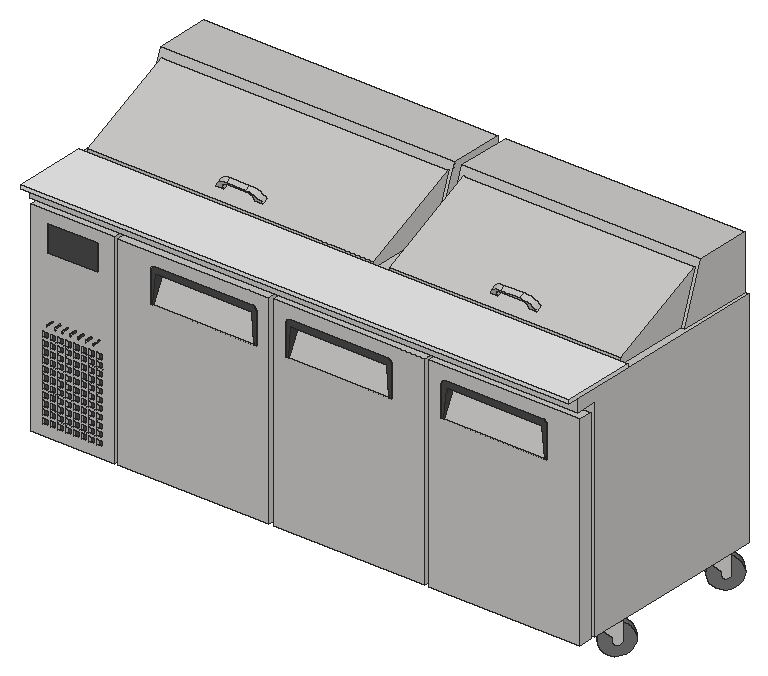
Revit family "QF_Turbo Air_JST-72", category Specialty Equipment, Revit 2012 (continued)
Automatic sketch dimensions
  Extrusion 15 sketch curve to Extrusion 15 sketch curve = 0' - 0 1/4"
  Extrusion 15 sketch curve to Extrusion 15 sketch curve = 0' - 0"
  Extrusion 15 sketch curve to Extrusion 15 sketch curve = 0' - 0.6"
  Extrusion 16 sketch curve to plane 3 "LEFT" = 0' - 0"
  Extrusion 16 sketch curve to plane 14 "Top of Door" = 0' - 0"
  Extrusion 16 sketch curve to plane 25 "Right of Grill" = 0' - 0"
  Extrusion 16 sketch curve to plane 4 "Bottom" = 0' - 0"
  plane 20 "Left of Left Lid" to Extrusion 16 sketch curve = 0' - 0 1/2"  (x6)
  Extrusion 16 sketch curve to Extrusion 16 sketch curve = 0' - 0"  (x159)
  Extrusion 16 sketch curve to Extrusion 16 sketch curve = 0' - 0.53661"
  Extrusion 16 sketch curve to Extrusion 16 sketch curve = 0' - 0.08839"  (x42)
  plane 20 "Left of Left Lid" to Extrusion 16 sketch curve = 0' - 1 3/16"
  Extrusion 16 sketch curve to Extrusion 16 sketch curve = 0' - 0 3/4"  (x52)
  Extrusion 16 sketch curve to Extrusion 16 sketch curve = 0' - 0.03661"  (x7)
  Extrusion 16 sketch curve to Extrusion 16 sketch curve = 0' - 0 1/4"  (x126)
  Extrusion 16 sketch curve to Extrusion 16 sketch curve = 0' - 0.70711"  (x2)
  Extrusion 16 sketch curve to Extrusion 16 sketch curve = 0' - 0.11612"  (x6)
  Extrusion 16 sketch curve to Extrusion 16 sketch curve = 0' - 0.82322"  (x6)
  Extrusion 16 sketch curve to plane 25 "Right of Grill" = 0' - 2 3/16"
  plane 4 "Bottom" to Extrusion 16 sketch curve = 0' - 1 3/8"  (x2)
  Extrusion 16 sketch curve to Extrusion 16 sketch curve = 0' - 0.66161"  (x7)
  Extrusion 16 sketch curve to Extrusion 16 sketch curve = 0' - 0.53033"  (x6)
  Extrusion 16 sketch curve to plane 14 "Top of Door" = 0' - 4 7/8"
  Extrusion 16 sketch curve to plane 14 "Top of Door" = 0' - 1 1/2"
  curve 29 to plane 6 "RIGHT" = 0' - 0"
  plane 9 "Door Clearance" to curve 29 = 0' - 0"
  plane 9 "Door Clearance" to curve 34 = 0' - 0"
  plane 9 "Door Clearance" to curve 79 = 0' - 0"
  curve 80 to plane 29 = 0' - 0"
  curve 34 to plane 27 "Left of Left Door" = 0' - 0"
  plane 7 "Front of Lid" to curve 27 = 0' - 0"
  curve 193 to plane 33 "Right of Left Lid" = 0' - 0"
  curve 198 to plane 21 "Right of Right Lid" = 0' - 0"
  curve 196 to plane 30 "Left of Right Lid Cover" = 0' - 0"
  curve 195 to plane 31 "Left of Right Lid" = 0' - 0"
  curve 31 to plane 20 "Left of Left Lid" = 0' - 0"
  curve 30 to plane 19 "Right of Right Lid Cover" = 0' - 0"
  plane 10 "Back of Door" to curve 32 = 0' - 0 1/4"
  plane 10 "Back of Door" to curve 80 = 0' - 0 1/4"
  plane 10 "Back of Door" to curve 34 = 0' - 0 1/4"
  curve 23 to curve 125 = 0' - 0.07915"
  curve 61 to plane 7 "Front of Lid" = 0' - 0 31/32"
  curve 75 to curve 48 = 0' - 0.07915"
  curve 78 to curve 94 = 0' - 0.07915"
  curve 139 to plane 7 "Front of Lid" = 0' - 0 31/32"
  curve 189 to plane 7 "Front of Lid" = 0' - 0 31/32"
  curve 110 to plane 7 "Front of Lid" = 0' - 0 31/32"
  curve 171 to plane 7 "Front of Lid" = 0' - 0 31/32"
  curve 158 to plane 7 "Front of Lid" = 0' - 0 31/32"
  curve 78 to curve 67 = 0' - 0.69515"
  curve 13 to curve 12 = 0' - 0.69515"
  curve 19 to curve 18 = 0' - 0.69515"
  curve 74 to curve 73 = 0' - 0.69515"
  curve 20 to curve 16 = 0' - 0.0945"
  curve 23 to curve 20 = 0' - 0"
  curve 75 to curve 71 = 0' - 0.0945"
  curve 78 to curve 71 = 0' - 0.0945"
  curve 21 to curve 12 = 0' - 0.21651"
  curve 69 to curve 67 = 0' - 0.21651"
  curve 77 to curve 77 = 0' - 0.21651"
  curve 17 to curve 17 = 0' - 0.1877"
  curve 17 to curve 126 = 0' - 0.07101"
  curve 76 to curve 94 = 0' - 0.09982"
  curve 77 to curve 48 = 0' - 0.07101"
  curve 139 to curve 142 = 0' - 0.99543"
  curve 155 to curve 158 = 0' - 0.99543"
  plane 28 to curve 190 = 0' - 0 3/16"
  curve 187 to curve 190 = 0' - 0.99543"
  curve 61 to curve 64 = 0' - 0.99543"
  curve 107 to curve 110 = 0' - 0.99543"
  curve 20 to curve 170 = 0' - 0.38203"
  curve 107 to curve 109 = 0' - 1"
  curve 106 to curve 89 = 0' - 0.00457"
  curve 186 to curve 173 = 0' - 0.00457"
  curve 63 to curve 59 = 0' - 1"
  curve 155 to curve 157 = 0' - 1"
  curve 121 to curve 12 = 0' - 0.11212"
  curve 187 to curve 189 = 0' - 1"
  curve 154 to curve 141 = 0' - 0.00457"
  curve 60 to curve 47 = 0' - 0.00457"
  curve 138 to curve 143 = 0' - 3.99184"
  curve 18 to curve 122 = 0' - 3.87515"
  curve 154 to curve 154 = 0' - 3.99184"
  curve 106 to curve 111 = 0' - 3.99184"
  plane 34 "Right Handle LR" to curve 49 = 0' - 0 1/2"
  curve 44 to curve 49 = 0' - 3.99184"
  curve 64 to curve 65 = 0' - 3.99184"
  plane 28 to curve 191 = 0' - 0.19207"
  curve 190 to curve 191 = 0' - 3.99184"
  curve 127 to curve 175 = 0' - 0"
  curve 95 to curve 44 = 0' - 0"
  curve 159 to curve 144 = 0' - 0.00457"
  curve 192 to curve 188 = 0' - 0.99543"
  plane 31 "Left of Right Lid" to curve 112 = 0' - 1.44207"
  curve 105 to curve 112 = 0' - 3.99184"
  curve 191 to curve 176 = 0' - 0.00457"
  plane 20 "Left of Left Lid" to curve 160 = 0' - 1 1/2"
  curve 153 to curve 160 = 0' - 3.99184"
  curve 111 to curve 89 = 0' - 0.00457"
  curve 143 to curve 121 = 0' - 0.00457"
  curve 60 to curve 50 = 0' - 0.00457"
  curve 66 to plane 21 "Right of Right Lid" = 0' - 1.44207"
  curve 59 to curve 66 = 0' - 3.99184"
  curve 95 to curve 95 = 0' - 1"
  curve 65 to curve 62 = 0' - 1"
  curve 127 to curve 127 = 0' - 1"
  curve 49 to curve 46 = 0' - 1"
  curve 159 to curve 156 = 0' - 1"
  curve 143 to curve 140 = 0' - 1"
  curve 176 to curve 176 = 0' - 0.99543"
  curve 112 to curve 112 = 0' - 0.99543"
  curve 62 to curve 54 = 0' - 1"
  curve 159 to curve 148 = 0' - 1"
  curve 46 to curve 38 = 0' - 1"
  curve 175 to curve 167 = 0' - 1"
  curve 95 to curve 87 = 0' - 1"
  curve 127 to curve 116 = 0' - 1"
  curve 136 to plane 25 "Right of Grill" = 0' - 0 1/4"
  curve 140 to curve 136 = 0' - 1"
  curve 108 to curve 104 = 0' - 1"
  plane 28 to curve 180 = 0' - 0 3/16"
  curve 191 to curve 180 = 0' - 1"
  curve 164 to curve 168 = 0' - 1"
  curve 180 to curve 184 = 0' - 1"
  curve 183 to plane 26 "Right of Left Door" = 0' - 0 1/4"
  curve 58 to curve 51 = 0' - 1"
  curve 38 to curve 42 = 0' - 1"
  curve 35 to curve 52 = 0' - 0"
  curve 100 to curve 98 = 0' - 1"
  curve 100 to curve 97 = 0' - 1"
  curve 103 to curve 81 = 0' - 0"
  curve 129 to plane 25 "Right of Grill" = 0' - 1 1/4"
  curve 82 to plane 34 "Right Handle LR" = 0' - 0.49543"
  curve 84 to curve 82 = 0' - 1"
  curve 120 to curve 120 = 0' - 1"
  curve 152 to curve 152 = 0' - 1"
  curve 116 to curve 119 = 0' - 1"
  curve 151 to curve 136 = 0' - 0"
  curve 132 to curve 135 = 0' - 1"
  curve 114 to curve 162 = 0' - 0"  (x2)
  plane 34 "Right Handle LR" to curve 41 = 0' - 0.49543"
  curve 87 to curve 41 = 0' - 0"
  curve 184 to curve 193 = 0' - 0.79399"
  curve 58 to curve 199 = 0' - 0.79399"
  curve 25 to curve 196 = 0' - 0"
  curve 152 to curve 24 = 0' - 0.79399"
  curve 195 to curve 197 = 0' - 2 5/8"
  curve 24 to curve 26 = 0' - 2 5/8"
  curve 146 to curve 150 = 0' - 3.99184"
  plane 34 "Right Handle LR" to curve 40 = 0' - 1.49543"
  curve 41 to curve 40 = 0' - 3.99184"
  curve 194 to curve 181 = 0' - 0.57285"
  curve 133 to plane 25 "Right of Grill" = 0' - 0 1/4"
  curve 150 to curve 133 = 0' - 0"
  curve 28 to curve 51 = 0' - 0.57285"
  curve 134 to curve 131 = 0' - 1"
  curve 178 to curve 178 = 0' - 3.99184"
  curve 27 to curve 149 = 0' - 0.57285"
  curve 39 to curve 37 = 0' - 1"
  curve 39 to curve 52 = 0' - 0"
  plane 16 "Left Handle LR" to curve 118 = 0' - 2"
  curve 119 to curve 118 = 0' - 3.99184"
  curve 134 to curve 117 = 0' - 0"
  curve 161 to curve 182 = 0' - 0"
  curve 98 to curve 102 = 0' - 3.99184"
  curve 197 to curve 101 = 0' - 0.57285"
  curve 102 to curve 81 = 0' - 0"
  curve 82 to curve 36 = 0' - 0"
  curve 165 to curve 165 = 0' - 1"
  curve 150 to curve 150 = 0' - 1"
  plane 28 to curve 179 = 0' - 0 3/16"
  curve 118 to curve 118 = 0' - 1"
  curve 102 to curve 102 = 0' - 1"
  curve 86 to curve 86 = 0' - 1"
  curve 56 to curve 56 = 0' - 1"
  curve 55 to plane 21 "Right of Right Lid" = 0' - 1.44207"
  curve 11 to plane 21 "Right of Right Lid" = 0' - 4 5/8"
  curve 11 to curve 10 = 0' - 1"
  curve 66 to curve 65 = 0' - 4"
  curve 62 to curve 57 = 0' - 0.00457"
  curve 60 to curve 43 = 0' - 1.00457"
  curve 57 to curve 42 = 0' - 1"
  curve 75 to curve 74 = 0' - 0.1"
  curve 77 to curve 75 = 0' - 0 1/4"
  curve 75 to curve 78 = 0' - 0.06492"
  curve 94 to plane 34 "Right Handle LR" = 0' - 0 1/2"
  curve 76 to curve 78 = 0' - 0 1/4"
  curve 93 to plane 29 = 0' - 1.37043"
  curve 88 to curve 92 = 0' - 0.00457"
  curve 88 to curve 98 = 0' - 1"
  curve 89 to curve 111 = 0' - 1.00457"
  plane 31 "Left of Right Lid" to curve 101 = 0' - 2.44207"
  curve 177 to plane 33 "Right of Left Lid" = 0' - 1 1/2"
  curve 192 to plane 33 "Right of Left Lid" = 0' - 1 1/2"
  curve 191 to curve 176 = 0' - 1.00457"
  curve 183 to curve 168 = 0' - 1"
  curve 175 to curve 114 = 0' - 2.00457"
  curve 166 to curve 114 = 0' - 2"
  curve 20 to curve 19 = 0' - 0.1"
  curve 175 to curve 127 = 0' - 1.00915"
  curve 22 to curve 20 = 0' - 0 1/4"
  curve 20 to curve 23 = 0' - 0.06492"
  curve 21 to curve 23 = 0' - 0 1/4"
  curve 120 to plane 16 "Left Handle LR" = 0' - 2"
  curve 125 to curve 14 = 0' - 0"
  curve 113 to curve 134 = 0' - 1"
  curve 125 to curve 142 = 0' - 1.00457"
  curve 139 to plane 25 "Right of Grill" = 0' - 0 1/4"
  curve 129 to curve 146 = 0' - 1"
  curve 144 to curve 154 = 0' - 1.00457"
  curve 9 to plane 25 "Right of Grill" = 0' - 4 1/8"
  curve 9 to curve 8 = 0' - 1"
  plane 20 "Left of Left Lid" to curve 147 = 0' - 2 1/2"
  radius of Extrusion 6 sketch curve = 0' - 0 1/2"  (x2)
  radius of Extrusion 7 sketch curve = 0' - 0 1/4"
Nested families (in)
  nested 1: "FESCasterLeg" at (-18.22594, -2.5625, 0), Legs <- "Legs", Casters <- "Casters", Height <- "CasterLeg Height", type "FESCasterLeg"
    with Legs no, Height 0' - 5", Casters yes, Caster Radius 0' - 2"
  nested 2: "FESCasterLeg" at (-18.22594, -20.125, 0), Legs <- "Legs", Casters <- "Casters", Height <- "CasterLeg Height", type "FESCasterLeg"
    with Legs no, Height 0' - 5", Casters yes, Caster Radius 0' - 2"
  nested 3: "FESCasterLeg" at (47.64906, -2.5625, 0), Legs <- "Legs", Casters <- "Casters", Height <- "CasterLeg Height", type "FESCasterLeg"
    with Legs no, Height 0' - 5", Casters yes, Caster Radius 0' - 2"
  nested 4: "FESCasterLeg" at (47.64906, -20.125, 0), Legs <- "Legs", Casters <- "Casters", Height <- "CasterLeg Height", type "FESCasterLeg"
    with Legs no, Height 0' - 5", Casters yes, Caster Radius 0' - 2"
  nested 5: "QF_Turbo Air_TBL_Door-1" at (34.97239, -25.4375, 5) x (-1, 0, 0) z (0, 0, 1), type "QF_Turbo Air_TBL_Door-1"
    with Width 1' - 7 1/2", Symbolic Lines no, Height 2' - 2 1/4", Handle Width 1' - 1 11/16", Depth 0' - 1 13/16"
  nested 6: "QF_Turbo Air_TBL_Door-1" at (5.70073, -25.4375, 5), type "QF_Turbo Air_TBL_Door-1"
    with Width 1' - 7 1/2", Symbolic Lines no, Height 2' - 2 1/4", Handle Width 1' - 1 11/16", Depth 0' - 1 13/16"
  nested 7: "QF_Turbo Air_TBL_Door-1" at (14.90989, -25.4375, 5) x (-1, 0, 0) z (0, 0, 1), type "QF_Turbo Air_TBL_Door-1"
    with Width 1' - 7 1/2", Symbolic Lines no, Height 2' - 2 1/4", Handle Width 1' - 1 11/16", Depth 0' - 1 13/16"
  nested 8: "FESCasterLeg" at (14.71156, -2.5625, 0), Legs <- "Legs", Casters <- "Casters", Height <- "CasterLeg Height", type "FESCasterLeg"
    with Legs no, Height 0' - 5", Casters yes, Caster Radius 0' - 2"
  nested 9: "FESCasterLeg" at (14.71156, -20.125, 0), Legs <- "Legs", Casters <- "Casters", Height <- "CasterLeg Height", type "FESCasterLeg"
    with Legs no, Height 0' - 5", Casters yes, Caster Radius 0' - 2"
Connectors (in)
  electrical at (-15.35094, 0.0625, 11.125), driven by "Number of Poles", driven by "Volts", driven by "Apparent Power"
    settings: on Extrusion 7, index 1, voltage 115 V, apparent load 552 VA, apparent load phase1 0 VA, apparent load phase2 0 VA, apparent load phase3 0 VA, power factor 1, load classification "Other", number of poles 1, system type 30, power factor state 1, is connector primary yes, connector utility no, sub classification motor no, connector description ""
Definition of nested family "FESCasterLeg"
  Parameters (values of type "FESCasterLeg")
    Watermarked By = "http://revitwatermark.com"
    Type Comments = "⍁⍉⌁⌀⏭⎽⌇⍠⌜⍉⎖⌥⌦⌯⍭⏊⍻⍿⍊⏵⍊⏗⏠⍴⎡⌈⎀⍠⌓⌤⏘⎐⍀⌐⏬⏁⎈⏍⏦⎒⏬⌝⍩⍇⌣〈⎫〉⎁⏊⍥⍖⍥⍝⍦⌖⍀⏌⏭⎝⎼⏷⏞⍻⏯⎽⏷⏞⍻⏯⎽⏷⎺⌻⎝⍎⌧⏷⏟⏿⌿⍜⍦⍤⌁⍬⏶⏎⍊⏚⏉⎞⌡⎀⎪⏈⌟⌿⍾⍼⌟⌿⌢⌞⏜⏝⎽⍷⍷⍯⍧⍷⌯⍽⏸⏨⏾⏎⌣⏺⍹⏼⏅⎏⌽⎫⎪⍙⎓⏗⎗⏅⌴⍏⍏⍿⏑⎺⍘⌭⏲⍥⎛⎾⎾⍞⍌⎪⎲⌙⎥⏏⎟⎟⏼⏘⎏⎝⏧⏍⏁⍏⍧⏯⏾⌟"
    Legs [instance] = yes
    Height [instance] = 0' - 6"
    Caster Radius [instance] = if(Height < 0' 3", 0' 1", (Height / 2) - 0' 0 1/2")  # 0' - 2 1/2"
    Casters [instance] = yes
    Assembly Code = ""
  Reference planes (in)
    plane 1 "Center (Front/Back)": y = 0
    plane 2: z = 0
    plane 3 "Center (Left/Right)": x = 0
    plane 4: z = 6
    plane 5: z = 5.5
  Forms (in)
    Extrusion 1, solid, material "QF_Finishes_Stainless Steel", visible <- "Casters"
      sketch origin (-24.12131, -22.88887, 10.18833) x (0.707107, 0.707107, 0) y (0, 0, 1)
        loop
          line (34.98772, -7.68833) -> (34.98772, -4.93833) -> (34.48772, -4.93833) -> (34.39402, -4.68833) -> (32.39402, -4.68833) -> (32.39402, -5.43833) -> (33.98772, -7.34206) -> (33.98772, -7.68833)
          arc (33.98772, -7.68833) -> (34.48772, -8.18833) -> (34.98772, -7.68833) r 0.5
      from 0 to 1.75
    Extrusion 2, solid, material "QF_Finishes_Rubber Black", visible <- "Casters"
      sketch origin (-24.32327, -23.09083, 13.31461) x (0.707107, 0.707107, 0) y (0, 0, 1)
        loop
          circle (34.77334, -10.81461) r 2.5
      from 0.375 to 1.375
    Extrusion 3, solid, material "QF_Finishes_Stainless Steel", visible <- "Casters"
      sketch origin (-7.24148, -8.48391, 0) x (0.707107, 0.707107, 0) y (0, 0, 1)
        loop
          line (10.61603, 5.5) -> (11.61603, 5.5) -> (11.61603, 6) -> (10.61603, 6) -> (10.61603, 5.5)
      from 0 to -1.75
    Blend 4, solid, material "QF_Finishes_Stainless Steel", visible <- "Legs"
      base sketch origin (0, 0, 0) x (1, 0, 0) y (0, 1, 0)
        loop
          circle (0, 0) r 0.5
      top sketch origin (0, 0, 0) x (1, 0, 0) y (0, 1, 0)
        loop
          circle (0, 0) r 1
      from 0 to 6 <- "Height"
  Lines and regions (in)
    symbolic lines, style "QF_Hidden Details", visible <- "Casters", built-in parameter 1006206 <- "Casters"
      curve 1: line (-1.26158, -0.51911, 0) -> (1.39007, 2.13254, 0)
      curve 2: line (-0.53429, -1.24639, 0) -> (2.11736, 1.40526, 0)
    symbolic lines, style "QF_Hidden Details", built-in parameter 1006206 <- "Casters", visible <- "Casters"
      curve 3: line (-1.26158, -0.51911, 0) -> (1.39007, 2.13254, 0)
      curve 4: line (-0.53429, -1.24639, 0) -> (2.11736, 1.40526, 0)
  Dimensions and locks (in)
    locked: plane 4 to plane 5 at 0.5
    "Height": plane 4 to level
    "Caster Radius": Extrusion 2 sketch curve to level
    "Caster Radius": Extrusion 1 sketch curve to level
    "Caster Radius": radius of Extrusion 2 sketch curve
    aligned and locked: plane 2 to level
    aligned: Blend 4 to Extrusion 3
    aligned and locked: plane 4 to Blend 4
    aligned and locked: Extrusion 3 to plane 5
    aligned and locked: plane 4 to Extrusion 3
    aligned and locked: plane 5 to Extrusion 1
  Automatic sketch dimensions
    plane 1 "Center (Front/Back)" to curve 3 = 0' - 0.51911"
    curve 3 to plane 3 "Center (Left/Right)" = 0' - 1.26158"
    plane 1 "Center (Front/Back)" to curve 1 = 0' - 0.51911"
    curve 1 to curve 3 = 0' - 0"  (x3)
    curve 4 to plane 3 "Center (Left/Right)" = 0' - 0.53429"
    curve 2 to curve 4 = 0' - 0"  (x2)
    plane 3 "Center (Left/Right)" to curve 3 = 0' - 1.39007"
    curve 1 to curve 4 = 0' - 0.72729"
    curve 2 to curve 1 = 0' - 0.72729"
    curve 4 to curve 2 = 0' - 0"  (x2)
    curve 2 to plane 1 "Center (Front/Back)" = 0' - 1.40526"
    curve 2 to curve 3 = 0' - 0.72729"
    plane 5 to Extrusion 1 sketch curve = 0' - 0"
    Extrusion 1 sketch curve to Extrusion 1 sketch curve = 0' - 1.5937"
    Extrusion 1 sketch curve to Extrusion 1 sketch curve = 0' - 2"
    Extrusion 1 sketch curve to Extrusion 1 sketch curve = 0' - 0.0937"
    Extrusion 1 sketch curve to Extrusion 1 sketch curve = 0' - 0 1/2"
    Extrusion 1 sketch curve to Extrusion 1 sketch curve = 0' - 0.34627"
    Extrusion 1 sketch curve to plane 5 = 0' - 0 3/4"
    Extrusion 1 sketch curve to plane 5 = 0' - 0 1/4"
    Extrusion 3 sketch curve to plane 5 = 0' - 0"
    plane 4 to Extrusion 3 sketch curve = 0' - 0"
    Extrusion 3 sketch curve to Extrusion 3 sketch curve = 0' - 1"
    plane 1 "Center (Front/Back)" to Blend 4 sketch curve = 0' - 0"  (x2)
    Blend 4 sketch curve to plane 3 "Center (Left/Right)" = 0' - 0"  (x2)
    radius of Blend 4 sketch curve = 0' - 0 1/2"
    radius of Blend 4 sketch curve = 0' - 1"
Definition of nested family "QF_Turbo Air_TBL_Door-1"
  Parameters (values of type "QF_Turbo Air_TBL_Door-1")
    Width [instance] = 2' - 5 5/16"
    Watermarked By = "http://revitwatermark.com"
    Symbolic Lines [instance] = yes
    Manufacturer = "Turbo Air"  # constant formula
    Height [instance] = 2' - 3 7/16"
    Handle Width [instance] = 1' - 5 5/8"
    Depth [instance] = 0' - 1 13/16"
  Reference planes (in)
    plane 1 "BACK": y = 0
    plane 2: z = 0
    plane 3 "LEFT": x = -15.17667
    plane 4: x = 14.13583
    plane 5 "FRONT": y = -1.8125
    plane 6: z = 27.4375
    plane 7 "Right of Handle": x = 12.51083
    plane 8 "Left of Handle": x = -5.11417
  Forms (in)
    Extrusion 1, solid, material "QF_Finishes_Black"
      sketch origin (-31.11417, 0, 15.01083) x (0, 0, -1) y (1, 0, 0)
        loop
          arc (-10.23917, 43.625) -> (-10.63691, 43.46025) -> (-10.80167, 43.0625) r 0.5625
          line (-10.80167, 43.0625) -> (-10.80167, 26.5625)
          arc (-10.80167, 26.5625) -> (-10.63691, 26.16475) -> (-10.23917, 26) r 0.5625
          line (-10.23917, 26) -> (-6.30167, 26) -> (-6.30167, 26.34375) -> (-9.98917, 26.66636) -> (-9.98917, 42.95864) -> (-6.30167, 43.28125) -> (-6.30167, 43.625) -> (-10.23917, 43.625)
      from 0 to 1.8125
    Extrusion 2, solid, material "QF_Finishes_Stainless Steel"
      sketch origin (-5.14542, 0, 15.01083) x (0, 1, 0) y (0, 0, 1)
        loop
          line (-1.8125, 6.30167) -> (0, 6.30167) -> (0, 9.98917) -> (-0.47036, 9.98917) -> (-1.8125, 6.30167)
      from 0.375 to 17.3125
    Extrusion 3, solid, material "QF_Finishes_Stainless Steel"
      sketch origin (0, 0, 0) x (1, 0, 0) y (0, 0, 1)
        loop
          line (-15.17667, 27.4375) -> (-15.17667, 0) -> (14.13583, 0) -> (14.13583, 27.4375) -> (-15.17667, 27.4375)
        loop
          arc (-4.55167, 25.8125) -> (-4.94941, 25.64775) -> (-5.11417, 25.25) r 0.5625
          line (-5.11417, 25.25) -> (-5.11417, 21.3125) -> (12.51083, 21.3125) -> (12.51083, 25.25)
          arc (12.51083, 25.25) -> (12.34608, 25.64775) -> (11.94833, 25.8125) r 0.5625
          line (11.94833, 25.8125) -> (-4.55167, 25.8125)
      from 0 to 1.8125
  Lines and regions (in)
    symbolic lines, visible <- "Symbolic Lines"
      curve 1: line (-15.17667, 0, 25.96875) -> (14.13583, 0, 25.96875)
      curve 2: line (-15.17667, -1.8125, 25.96875) -> (-15.17667, 0, 25.96875)
      curve 3: line (14.13583, -1.8125, 25.96875) -> (-15.17667, -1.8125, 25.96875)
      curve 4: line (14.13583, 0, 25.96875) -> (14.13583, -1.8125, 25.96875)
  Dimensions and locks (in)
    "Width": plane 4 to plane 3 "LEFT"
    "Depth": plane 5 "FRONT" to plane 1 "BACK"
    "Height": plane 6 to plane 2
    locked: Extrusion 3 sketch curve to Extrusion 3 sketch curve at 4.5
    locked: plane 6 to Extrusion 3 sketch curve at 1.625
    locked: plane 6 to Extrusion 1 sketch curve at 1.625
    locked: Extrusion 1 sketch curve to Extrusion 1 sketch curve at 0.8125
    locked: Extrusion 1 sketch curve to Extrusion 1 sketch curve at 4.5  (x2)
    locked: plane 6 to Extrusion 2 sketch curve at 2.4375
    locked: Extrusion 2 sketch curve to Extrusion 2 sketch curve at 3.6875
    locked: Extrusion 2 sketch curve to plane 5 "FRONT" at 1.34214
    locked: plane 7 "Right of Handle" to plane 4 at 1.625
    "Handle Width": plane 8 "Left of Handle" to plane 7 "Right of Handle"
    locked: Extrusion 1 sketch curve to plane 8 "Left of Handle" at 0.34375
    locked: Extrusion 1 sketch curve to plane 8 "Left of Handle" at 0.66636
    locked: Extrusion 1 sketch curve to plane 8 "Left of Handle" at 0.5625
    locked: plane 7 "Right of Handle" to Extrusion 1 sketch curve at 0.34375
    locked: plane 7 "Right of Handle" to Extrusion 1 sketch curve at 0.66636
    locked: plane 7 "Right of Handle" to Extrusion 1 sketch curve at 0.5625
    locked: plane 8 "Left of Handle" to Extrusion 2 at 0.34375
    locked: plane 7 "Right of Handle" to Extrusion 2 at 0.34375
    aligned and locked: level to plane 2
    aligned and locked: Extrusion 3 sketch curve to plane 6
    aligned and locked: plane 3 "LEFT" to Extrusion 3 sketch curve
    aligned and locked: level to Extrusion 3 sketch curve
    aligned and locked: Extrusion 3 sketch curve to plane 4
    aligned and locked: plane 5 "FRONT" to Extrusion 3
    aligned and locked: Extrusion 2 sketch curve to plane 1 "BACK"
    aligned and locked: plane 1 "BACK" to curve 1
    aligned and locked: plane 3 "LEFT" to curve 2
    aligned and locked: curve 3 to plane 5 "FRONT"
    aligned and locked: curve 4 to plane 4
    aligned and locked: Extrusion 3 sketch curve to plane 7 "Right of Handle"
    aligned and locked: Extrusion 3 sketch curve to plane 8 "Left of Handle"
    aligned and locked: Extrusion 1 sketch curve to plane 7 "Right of Handle"
    aligned and locked: plane 8 "Left of Handle" to Extrusion 1 sketch curve
  Automatic sketch dimensions
    Extrusion 3 sketch curve to Extrusion 3 sketch curve = 0' - 0 9/16"  (x2)
    Extrusion 2 sketch curve to plane 5 "FRONT" = 0' - 0"
